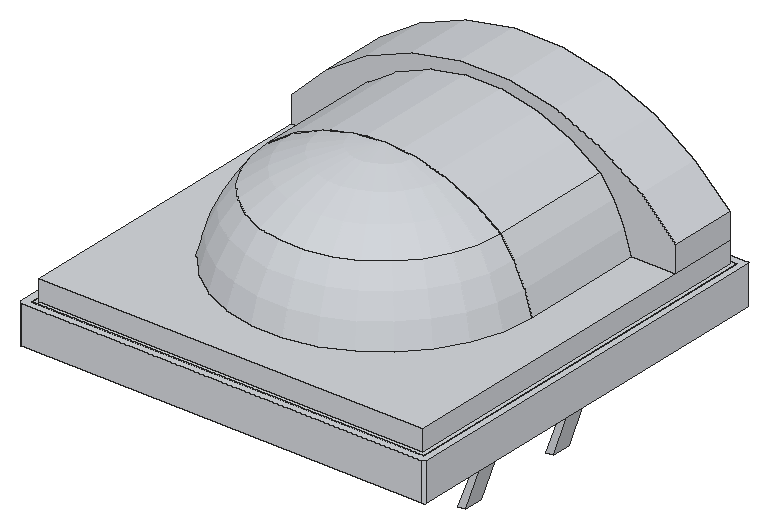
Revit family "Gira_537528", category Electrical Fixtures, host Face, Revit 2017
Family settings
  Host = Face
  Maintain Annotation Orientation = Yes
  Round Connector Dimension = Use Diameter
  Part Type = Normal
  Cut with Voids When Loaded = No
  Shared = No
  Room Calculation Point = No
Parameters (values of type "S3000 Beweg.m.aufs. 2,20 m Standard System 55 Anthrazit")
  Werkstoffgüte = "sonstige"
  Werkstoff = "sonstige"
  Vernetzbar = "No"
  Unterkriechschutz/Rückfeldüberwachung = "No"
  URL = "http://katalog.gira.de/de_DE/datenblatt.html?artikelnr=537528"
  Treppenhausüberwachung = "Yes"
  Tierschneise = "No"
  Teach-Funktion für Ansprechhelligkeit = "No"
  Region = "DE"
  Name = "S3000 Beweg.m.aufs. 2,20 m Standard System 55 Anthrazit"
  Montagehöhe = "2,2 m"
  Montageart = "unter Putz"
  Max. Reichweite zu einer Seite = "3 m"
  Max. Reichweite frontal = "12 m"
  Max. Einschaltdauer = "120 s"
  Manufacturer URL = "https://www.gira.de/"
  Konstantlichtregelung = "No"
  Keynote = "Bewegungsmelder_2,20m"
  HeinzeBIM = "https://bimportal.heinze.de/bim/s3000-beweg-m-aufs-2-20-m-standard-system-55-anthrazit/c4b63095649c82497ae68209426162848b2ceb7a"
  Halogenfrei = "No"
  HLK-Ansteuerung = "No"
  HAN = "537528"
  Geeignet für drahtlose Übertragung = "No"
  Geeignet für Schutzart (IP) = "IP20"
  GTIN = "4010337051176"
  Farbe = "anthrazit"
  Erfassungswinkel horizontal = "1 - 180"
  Default Elevation = 1219.2 mm
  Data sheet (1) = "https://katalog.gira.de/de_DE/download.html?artikelnr=537528"
  Category = "Bewegungsmelder-Sensor"
  Available = "Yes"
  Ausführung = "Bewegungsmelder"
  Ansprechhelligkeit einstellbar = "No"
  Ansprechempfindlichkeit einstellbar = "Yes"
Reference planes
  plane 1 "Center (Front/Back)": y = 0
  plane 2: z = 0
  plane 3 "Center (Left/Right)": x = 0
Forms (mm)
  Extrusion 1, solid, detail levels fine
    sketch origin (0, 0, 0) x (1, 0, 0) y (0, 0, 1)
      loop
        line (-33.25, 14.602) -> (-33.25, 10.1) -> (33.25, 10.1) -> (33.25, 14.602)
        arc (33.25, 14.602) -> (0, 30.256) -> (-33.25, 14.602) r 43.139
    from -33.25 to -21.609
  Extrusion 2, solid, detail levels fine
    sketch origin (0, 0, 0) x (1, 0, 0) y (0, 1, 0)
      loop
        line (-33.25, 33.25) -> (-33.25, -33.25) -> (33.25, -33.25) -> (33.25, 33.25) -> (-33.25, 33.25)
    from 6.6 to 10.1
  Extrusion 3, solid, detail levels fine
    sketch origin (0, 0, 0) x (1, 0, 0) y (0, 0, 1)
      loop
        arc (20.138, 21.225) -> (0, 28.457) -> (-20.138, 21.225) r 31.652
        arc (-20.138, 21.225) -> (-23.48, 15.984) -> (-25.486, 10.1) r 26.053
        line (-25.486, 10.1) -> (25.486, 10.1)
        arc (25.486, 10.1) -> (23.48, 15.984) -> (20.138, 21.225) r 26.053
    from -21.609 to 0
  Revolve 4, solid, detail levels fine
    sketch origin (0, 0, 0) x (1, 0, 0) y (0, 0, 1)
      loop
        arc (0, 28.457) -> (-10.699, 26.594) -> (-20.138, 21.225) r 31.652
        arc (-20.138, 21.225) -> (-23.48, 15.984) -> (-25.486, 10.1) r 26.053
        line (-25.486, 10.1) -> (0, 10.1) -> (0, 28.457)
      axis (0, 28.457) -> (0, 10.1)
    angle from -180 to 0
  Extrusion 5, solid, detail levels fine
    sketch origin (0, 0, 0) x (1, 0, 0) y (0, 1, 0)
      loop
        spline (-34.7, 35.2) -> (-34.765, 35.196) -> (-34.829, 35.183) -> (-34.891, 35.162) -> (-34.95, 35.133) -> (-35.004, 35.097) -> (-35.054, 35.054) -> (-35.097, 35.004) -> (-35.133, 34.95) -> (-35.162, 34.891) -> (-35.183, 34.829) -> (-35.196, 34.765) -> (-35.2, 34.7)
        line (-35.2, 34.7) -> (-35.2, -34.7)
        spline (-35.2, -34.7) -> (-35.196, -34.765) -> (-35.183, -34.829) -> (-35.162, -34.891) -> (-35.133, -34.95) -> (-35.097, -35.004) -> (-35.054, -35.054) -> (-35.004, -35.097) -> (-34.95, -35.133) -> (-34.891, -35.162) -> (-34.829, -35.183) -> (-34.765, -35.196) -> (-34.7, -35.2)
        line (-34.7, -35.2) -> (34.7, -35.2)
        spline (34.7, -35.2) -> (34.765, -35.196) -> (34.829, -35.183) -> (34.891, -35.162) -> (34.95, -35.133) -> (35.004, -35.097) -> (35.054, -35.054) -> (35.097, -35.004) -> (35.133, -34.95) -> (35.162, -34.891) -> (35.183, -34.829) -> (35.196, -34.765) -> (35.2, -34.7)
        line (35.2, -34.7) -> (35.2, 34.7)
        spline (35.2, 34.7) -> (35.196, 34.765) -> (35.183, 34.829) -> (35.162, 34.891) -> (35.133, 34.95) -> (35.097, 35.004) -> (35.054, 35.054) -> (35.004, 35.097) -> (34.95, 35.133) -> (34.891, 35.162) -> (34.829, 35.183) -> (34.765, 35.196) -> (34.7, 35.2)
        line (34.7, 35.2) -> (-34.7, 35.2)
      loop
        line (-33.986, 33.986) -> (-33.986, -33.986) -> (33.986, -33.986) -> (33.986, 33.986) -> (-33.986, 33.986)
    from 0 to 6.6
  Extrusion 6, solid, detail levels fine
    sketch origin (0, 0, 0) x (1, 0, 0) y (0, 1, 0)
      loop
        line (-33.986, 33.986) -> (-33.986, -33.986) -> (33.986, -33.986) -> (33.986, 33.986) -> (-33.986, 33.986)
    from 5 to 6.6
  Extrusion 7, solid
    sketch origin (0, 0, 0) x (1, 0, 0) y (0, 1, 0)
      loop
        line (-23.656, 22.752) -> (-23.656, -22.748)
        arc (-23.656, -22.748) -> (-23.409, -23.369) -> (-22.801, -23.65) r 0.904
        line (-22.801, -23.65) -> (22.796, -23.65)
        arc (22.796, -23.65) -> (23.404, -23.369) -> (23.656, -22.748) r 0.904
        line (23.656, -22.748) -> (23.652, 22.752)
        arc (23.652, 22.752) -> (23.404, 23.374) -> (22.796, 23.655) r 0.904
        line (22.796, 23.655) -> (-22.801, 23.655)
        arc (-22.801, 23.655) -> (-23.409, 23.374) -> (-23.656, 22.752) r 0.904
    from -3.2 to 5
  Extrusion 8, solid, detail levels fine
    sketch origin (0, 0, 0) x (1, 0, 0) y (0, 1, 0)
      loop
        line (-27.334, -25) -> (-26.366, -25) -> (-26.366, 26.298) -> (26.366, 26.298) -> (26.366, -25) -> (27.334, -25) -> (27.334, 27.402) -> (-27.334, 27.402) -> (-27.334, -25)
    from -1.1 to 5
  Extrusion 9, solid, detail levels fine
    sketch origin (0, 0, 0) x (1, 0, 0) y (0, 1, 0)
      loop
        line (-5.141, 20.682) -> (-5.141, 15.098)
        spline (-5.141, 15.098) -> (-5.133, 14.968) -> (-5.107, 14.84) -> (-5.065, 14.716) -> (-5.007, 14.599) -> (-4.935, 14.49) -> (-4.849, 14.391) -> (-4.75, 14.305) -> (-4.641, 14.233) -> (-4.524, 14.175) -> (-4.4, 14.133) -> (-4.272, 14.107) -> (-4.142, 14.099)
        line (-4.142, 14.099) -> (4.142, 14.099)
        spline (4.142, 14.099) -> (4.272, 14.107) -> (4.4, 14.133) -> (4.524, 14.175) -> (4.641, 14.233) -> (4.75, 14.305) -> (4.849, 14.391) -> (4.935, 14.49) -> (5.007, 14.599) -> (5.065, 14.716) -> (5.107, 14.84) -> (5.133, 14.968) -> (5.141, 15.098)
        line (5.141, 15.098) -> (5.141, 20.682)
        spline (5.141, 20.682) -> (5.133, 20.812) -> (5.107, 20.94) -> (5.065, 21.064) -> (5.007, 21.181) -> (4.935, 21.29) -> (4.849, 21.389) -> (4.75, 21.475) -> (4.641, 21.547) -> (4.524, 21.605) -> (4.4, 21.647) -> (4.272, 21.673) -> (4.142, 21.681)
        line (4.142, 21.681) -> (-4.142, 21.681)
        spline (-4.142, 21.681) -> (-4.272, 21.673) -> (-4.4, 21.647) -> (-4.524, 21.605) -> (-4.641, 21.547) -> (-4.75, 21.475) -> (-4.849, 21.389) -> (-4.935, 21.29) -> (-5.007, 21.181) -> (-5.065, 21.064) -> (-5.107, 20.94) -> (-5.133, 20.812) -> (-5.141, 20.682)
    from -19.6 to -3.2
  Extrusion 10, solid, detail levels fine
    sketch origin (0, 0, 0) x (1, 0, 0) y (0, 0, 1)
      loop
        line (-24.966, -3.825) -> (-25.395, -8.726) -> (-23.048, -15.543) -> (-21.665, -15.713) -> (-24.338, -8.563) -> (-23.422, -1.1) -> (-25.014, -1.1) -> (-24.966, -3.825)
      loop
        line (24.966, -3.825) -> (25.014, -1.1) -> (23.422, -1.1) -> (24.338, -8.563) -> (21.665, -15.713) -> (23.048, -15.543) -> (25.395, -8.726) -> (24.966, -3.825)
    from -11.1 to -7.9
  Extrusion 11, solid, detail levels fine
    sketch origin (0, 0, 0) x (1, 0, 0) y (0, 0, -1)
      loop
        line (-24.966, 3.825) -> (-25.014, 1.1) -> (-23.422, 1.1) -> (-24.338, 8.563) -> (-21.665, 15.713) -> (-23.048, 15.543) -> (-25.395, 8.726) -> (-24.966, 3.825)
      loop
        line (24.966, 3.825) -> (25.395, 8.726) -> (23.048, 15.543) -> (21.665, 15.713) -> (24.338, 8.563) -> (23.422, 1.1) -> (25.014, 1.1) -> (24.966, 3.825)
    from -11.1 to -7.9
  Extrusion 12, solid
    sketch origin (0, 0, 0) x (1, 0, 0) y (0, 1, 0)
      loop
        line (-23.656, 22.752) -> (-23.656, -22.748)
        arc (-23.656, -22.748) -> (-23.409, -23.369) -> (-22.801, -23.65) r 0.904
        line (-22.801, -23.65) -> (22.796, -23.65)
        arc (22.796, -23.65) -> (23.404, -23.369) -> (23.656, -22.748) r 0.904
        line (23.656, -22.748) -> (23.652, 22.752)
        arc (23.652, 22.752) -> (23.404, 23.374) -> (22.796, 23.655) r 0.904
        line (22.796, 23.655) -> (-22.801, 23.655)
        arc (-22.801, 23.655) -> (-23.409, 23.374) -> (-23.656, 22.752) r 0.904
    from -3.2 to 5
  Extrusion 13, solid, detail levels medium
    sketch origin (0, 0, 0) x (1, 0, 0) y (0, 1, 0)
      loop
        line (-35.2, 35.2) -> (-35.2, -35.2) -> (35.2, -35.2) -> (35.2, 35.2) -> (-35.2, 35.2)
    from 0 to 6.6
  Extrusion 14, solid, detail levels medium
    sketch origin (0, 0, 0) x (1, 0, 0) y (0, 1, 0)
      loop
        line (-33.25, 33.25) -> (-33.25, -33.25) -> (33.25, -33.25) -> (33.25, 33.25) -> (-33.25, 33.25)
    from 6.6 to 30.256
  Extrusion 15, solid, detail levels medium
    sketch origin (0, 0, 0) x (1, 0, 0) y (0, 1, 0)
      loop
        line (-23.656, 23.655) -> (-23.656, -23.65) -> (23.656, -23.65) -> (23.656, 23.655) -> (-23.656, 23.655)
    from -3.2 to 5
  Extrusion 16, solid, detail levels medium
    sketch origin (0, 0, 0) x (1, 0, 0) y (0, 0, 1)
      loop
        line (-25.014, -1.1) -> (-25.014, -15.713) -> (-21.665, -15.713) -> (-21.665, -1.1) -> (-25.014, -1.1)
      loop
        line (25.014, -1.1) -> (21.665, -1.1) -> (21.665, -15.713) -> (25.014, -15.713) -> (25.014, -1.1)
    from -11.1 to -7.9
  Extrusion 17, solid, detail levels medium
    sketch origin (0, 0, 0) x (1, 0, 0) y (0, 0, -1)
      loop
        line (-25.014, 1.1) -> (-21.665, 1.1) -> (-21.665, 15.713) -> (-25.014, 15.713) -> (-25.014, 1.1)
      loop
        line (25.014, 1.1) -> (25.014, 15.713) -> (21.665, 15.713) -> (21.665, 1.1) -> (25.014, 1.1)
    from -11.1 to -7.9
  Extrusion 18, solid, detail levels medium
    sketch origin (0, 0, 0) x (1, 0, 0) y (0, 1, 0)
      loop
        line (-5.141, 14.099) -> (5.141, 14.099) -> (5.141, 21.681) -> (-5.141, 21.681) -> (-5.141, 14.099)
    from -19.6 to -3.2
  Extrusion 19, solid, detail levels coarse
    sketch origin (0, 0, 0) x (1, 0, 0) y (0, 1, 0)
      loop
        line (-35.2, 35.2) -> (-35.2, -35.2) -> (35.2, -35.2) -> (35.2, 35.2) -> (-35.2, 35.2)
    from -19.6 to 30.256
Dimensions and locks
  aligned and locked: plane 2 to host face
  aligned and locked: level to host face
  aligned and locked: nested 1 to plane 3 "Center (Left/Right)"
  aligned and locked: plane 1 "Center (Front/Back)" to nested 1
Nested families
  nested 1: "Belegungssensor - Bewegung - Aufputz - Beschriftung" at (0, 0, 0) x (0, -1, 0) z (0, 0, 1), type "Belegungssensor - Bewegung - Aufputz - Beschriftung"
Connectors
  electrical at (0, 0, -19.6)
    settings: on Extrusion 19, index 1, voltage 220 V, apparent load 0 VA, apparent load phase1 0 VA, apparent load phase2 0 VA, apparent load phase3 0 VA, power factor 1, load classification "Other", number of poles 1, system type 30, power factor state 1, is connector primary yes, connector utility no, sub classification motor no, connector description ""
Definition of nested family "Belegungssensor - Bewegung - Aufputz - Beschriftung"
  Reference planes
    plane 1: y = 0
    plane 2: x = 0
  Lines and regions (mm)
    Filled region 1, type "Gefüllter Bereich 1"
      outline origin (143.425, -20.712, 0) x (1, 0, 0) y (0, 1, 0)
        loop
          line (-148.697, 21.204) -> (-148.697, 20.409) -> (-147.583, 20.807) -> (-148.697, 21.204)
    Filled region 2, type "Gefüllter Bereich 1"
      outline origin (141.808, 30.001, 0) x (0.939693, 0.34202, 0) y (-0.34202, 0.939693, 0)
        loop
          line (-148.694, 21.203) -> (-148.694, 20.41) -> (-147.583, 20.807) -> (-148.694, 21.203)
    Filled region 3, type "Gefüllter Bereich 1"
      outline origin (141.819, -29.825, 0) x (-0.34202, -0.939693, 0) y (0.939693, -0.34202, 0)
        loop
          line (21.204, -148.697) -> (20.807, -147.583) -> (20.409, -148.697) -> (21.204, -148.697)
    detail lines
      curve 1: line (-1.207, 0.095, 0) -> (-3.486, 1.411, 0)
      curve 2: line (-1.207, 0.095, 0) -> (-3.486, -1.221, 0)
      curve 5: arc (-3.252, 1.752, 0) -> (-3.839, 0.095, 0) -> (-3.252, -1.562, 0) r 2.632
      curve 6: line (-6, 3, 0) -> (0, 3, 0)
      curve 7: line (-6, -3, 0) -> (-6, 3, 0)
      curve 8: line (0, -3, 0) -> (-6, -3, 0)
      curve 9: line (0, 3, 0) -> (0, -3, 0)
    reference lines
      curve 3: line (-1.207, 0.095, 0) -> (-3.616, 2.046, 0)
      curve 4: line (-1.207, 0.095, 0) -> (-3.616, -1.856, 0)
  Dimensions and locks
    curve 1 to curve 1 = 2.632 mm
    curve 2 to curve 2 = 2.632 mm
    curve 6 to curve 8 = 6 mm
    curve 7 to curve 9 = 6 mm
    angle curve 1 to curve 2 = 60.00°
    aligned and locked: curve 6 to curve 7
    aligned and locked: curve 9 to curve 9
